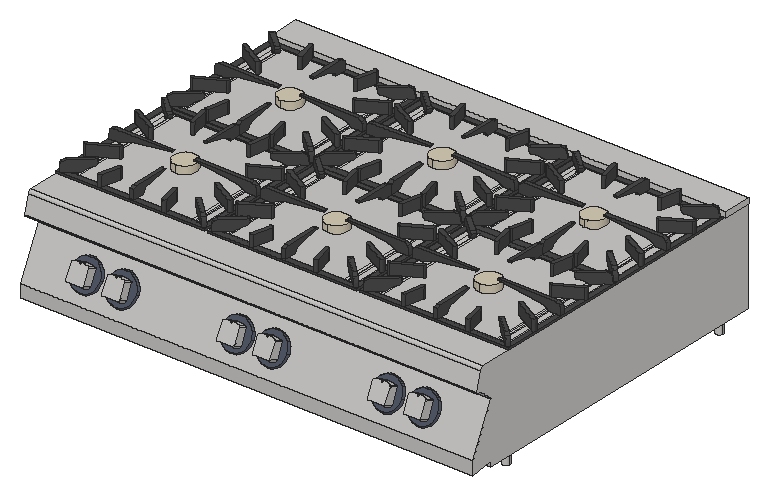
Revit family "QF_ZANUSSI_392011_Z9GCGL6S00", category Specialty Equipment, Revit 2018
Family settings
  Round Connector Dimension = Use Diameter
  Part Type = Normal
  Work Plane-Based = No
  Always vertical = Yes
  Cut with Voids When Loaded = No
  Shared = No
  Room Calculation Point = No
Parameters
  Weight in Pounds = 110
  Weight = 0.00 kg
  Watts = 0 W
  Volts = 0 V
  URL Manufacturer = "http://www.zanussiprofessional.com"
  URL Cutsheet = "www.electrolux.com"
  URL = "http://www.zanussiprofessional.com"
  Type Mark [instance] = ""
  Steam Supply Size = 0"
  Steam Supply Minimum Pressure = 0.00 psi
  Steam Supply Maximum Pressure = 0.00 psi
  Steam Pounds per Hour = 0
  Status [instance] = ""
  Specification by User [instance] = ""
  Specification by Manufacturer = ""
  Show Logo [instance] = yes
  Show Clearance [instance] = yes
  Serial Number = ""
  Seismic Rating = ""
  SMACNA No = ""
  Revision Code [instance] = ""
  Refrigeration Suction Line Size = 0"
  Refrigeration Liquid Line Size = 0"
  Refrigerant Compressor Remote = yes
  Phase = 0
  Omniclass Number and Title = ""
  NAFEM Spec ID Number = ""
  Model = "Z9GCGL6S00"
  Mechanical Remarks [instance] = ""
  Mechanical Connection Type [instance] = ""
  Masterspec = ""
  Manufacturer = "Zanussi"
  Length Actual = 1200 mm  # constant formula
  Item Number [instance] = "392011"
  Installed By [instance] = ""
  Identify Quantity as Lot [instance] = yes
  Hot Water Size = 0"
  Height Actual = 250 mm  # constant formula
  HP = "0 HP"
  Gas Size = 1/2"
  Gas RI Height [instance] = 0 mm
  Gas KW [instance] = 44
  Gas Input [instance] = 1.25214 Btu/h
  Gas Connection Height = 0 mm
  Furnished By [instance] = ""
  Foodservice Equipment Identifier [instance] = yes
  Direct Waste Size = 0"
  Description = "6-BURNER GAS BOILING TOP 1200 MM"
  Depth Actual = 900 mm  # constant formula
  Cycle = 0 Hz
  Condensate Return Size = 0"
  Compressed Air Volume = 0 GPM
  Compressed Air Size = 0"
  Compressed Air Pressure = 0.00 psi
  Cold Water Size = 0"
  CSI MasterFormat = ""
  CSI Master Format = ""
  Accessory = yes
Reference planes
  plane 1 "BACK": y = 0
  plane 2: z = 0
  plane 3 "LEFT": x = 0
  plane 4 "RIGHT": x = 1200
  plane 5 "FRONT": y = -915
  plane 6 "TOP": z = 310
  plane 7 "Center Y": x = 600
  plane 8 "Center X": y = -457.5
  plane 9: z = 24
  plane 10: z = 274
  plane 11: y = -82
  plane 12: y = -900.275
  plane 13: y = -666
  plane 14: y = -609
  plane 15: y = -790
  plane 16: x = 11.112
  plane 17: x = 1188.887
  plane 18: x = 1147.613
  plane 19: x = 1049
Forms (mm)
  Extrusion 1, solid, material "QF_Finishes_Stainless Steel"
    sketch origin (0, 0, 0) x (0, 1, 0) y (0, 0, 1)
      loop
        line (0, 24) -> (0, 273.175) -> (-879.358, 273.175)
        arc (-879.358, 273.175) -> (-884.643, 270.986) -> (-886.833, 265.701) r 7.474
        line (-886.833, 265.701) -> (-899.884, 220.186)
        arc (-899.884, 220.186) -> (-899.396, 217.554) -> (-897, 216.359) r 3
        line (-897, 216.359) -> (-886.802, 216.359) -> (-854.982, 184.539) -> (-915, 64.508) -> (-915, 29.508) -> (-858.645, 37.428)
        arc (-858.645, 37.428) -> (-856.101, 36.674) -> (-855, 34.259) r 3.2
        line (-855, 34.259) -> (-855, 24) -> (0, 24)
    from 0 to 1200
  Extrusion 2, solid, material "QF_Finishes_Stainless Steel"
    sketch origin (0, -836.847, 23.812) x (1, 0, 0) y (0, -1, 0)
      loop
        circle (11.112, -754.847) r 9.5
      loop
        circle (1188.887, -46.847) r 9.5
      loop
        circle (1188.888, -754.847) r 9.5
      loop
        circle (11.112, -61.972) r 9.5
    from -0.187 to 23.812
  Extrusion 3, solid, material "QF_Finishes_Stainless Steel"
    sketch origin (0, -836.847, 23.812) x (1, 0, 0) y (0, -1, 0)
      loop
        circle (1147.613, -170.847) r 6.4
    from 0 to 20
  Extrusion 4, solid, material "QF_Finishes_Stainless Steel"
    sketch origin (0, 0, 0) x (0, 1, 0) y (0, 0, 1)
      loop
        line (0, 274) -> (0, 288.288) -> (-76.2, 288.288) -> (-76.2, 274) -> (0, 274)
    from 0 to 1200
  Extrusion 5, solid, material "QF_Clearances", visible <- "Show Clearance", detail levels coarse
    sketch origin (0, 0, 0) x (1, 0, 0) y (0, 1, 0)
      loop
        line (0, -915) -> (0, 0) -> (1200, 0) -> (1200, -915) -> (1300.013, -915) -> (1300.013, 100.013) -> (-100.012, 100.013) -> (-100.012, -915) -> (0, -915)
    from 0 to 310
  Extrusion 6, solid, material "QF_Finishes_Stainless Steel"
    sketch origin (0, -836.847, 23.812) x (1, 0, 0) y (0, -1, 0)
      loop
        circle (1049, -227.847) r 12.7
    from 0 to 5
  Blend 7, solid, material "QF_Finishes_Navy Blue"
    base sketch origin (552.5, -884.991, 124.524) x (1, 0, 0) y (0, 0.447229, 0.89442)
      loop
        circle (0, 0) r 42.5
    top sketch origin (552.5, -884.991, 124.524) x (1, 0, 0) y (0, 0.447229, 0.89442)
      loop
        circle (0, 0) r 40.5
    from 0 to 5
  Extrusion 8, solid, material "QF_Finishes_Stainless Steel"
    sketch origin (552.5, -884.991, 124.524) x (1, 0, 0) y (0, 0.447229, 0.89442)
      loop
        arc (-21.147, 22.789) -> (-22.494, 21.685) -> (-23, 20.019) r 2.997
        line (-23, 20.019) -> (-23, -20.019)
        arc (-23, -20.019) -> (-22.122, -22.138) -> (-20.003, -23.016) r 2.997
        line (-20.003, -23.016) -> (20.003, -23.016)
        arc (20.003, -23.016) -> (22.122, -22.138) -> (23, -20.019) r 2.997
        line (23, -20.019) -> (23, 20.019)
        arc (23, 20.019) -> (22.494, 21.685) -> (21.147, 22.789) r 2.997
        arc (21.147, 22.789) -> (0, 26.984) -> (-21.147, 22.789) r 55.4
    from 10 to 34
  Extrusion 9, solid, material "QF_Plastic-Black-Matte"
    sketch origin (610, -884.991, 124.524) x (0, 0.447229, 0.89442) y (0, -0.89442, 0.447229)
      loop
        line (26.984, 34) -> (26.984, 19) -> (27.984, 19) -> (27.984, 34)
        arc (27.984, 34) -> (27.691, 34.707) -> (26.984, 35) r 1
        line (26.984, 35) -> (23.984, 35) -> (23.984, 34) -> (26.984, 34)
    from -58.5 to -56.5
  Extrusion 10, solid, material "QF_Finishes_Stainless Steel"
    sketch origin (552.5, -884.991, 124.524) x (1, 0, 0) y (0, 0.447229, 0.89442)
      loop
        line (17.5, 17.5) -> (-17.5, 17.5) -> (-17.5, -17.5) -> (17.5, -17.5) -> (17.5, 17.5)
    from 5 to 10
  Blend 11, solid, material "QF_Finishes_Navy Blue"
    base sketch origin (647.5, -884.991, 124.524) x (1, 0, 0) y (0, 0.447229, 0.89442)
      loop
        circle (0, 0) r 42.5
    top sketch origin (647.5, -884.991, 124.524) x (1, 0, 0) y (0, 0.447229, 0.89442)
      loop
        circle (0, 0) r 40.5
    from 0 to 5
  Extrusion 12, solid, material "QF_Finishes_Stainless Steel"
    sketch origin (647.5, -884.991, 124.524) x (1, 0, 0) y (0, 0.447229, 0.89442)
      loop
        arc (-21.147, 22.789) -> (-22.494, 21.685) -> (-23, 20.019) r 2.997
        line (-23, 20.019) -> (-23, -20.019)
        arc (-23, -20.019) -> (-22.122, -22.138) -> (-20.003, -23.016) r 2.997
        line (-20.003, -23.016) -> (20.003, -23.016)
        arc (20.003, -23.016) -> (22.122, -22.138) -> (23, -20.019) r 2.997
        line (23, -20.019) -> (23, 20.019)
        arc (23, 20.019) -> (22.494, 21.685) -> (21.147, 22.789) r 2.997
        arc (21.147, 22.789) -> (0, 26.984) -> (-21.147, 22.789) r 55.4
    from 10 to 34
  Extrusion 13, solid, material "QF_Finishes_Stainless Steel"
    sketch origin (647.5, -884.991, 124.524) x (1, 0, 0) y (0, 0.447229, 0.89442)
      loop
        line (17.5, 17.5) -> (-17.5, 17.5) -> (-17.5, -17.5) -> (17.5, -17.5) -> (17.5, 17.5)
    from 5 to 10
  Extrusion 14, solid, material "QF_Plastic-Black-Matte"
    sketch origin (590, -884.991, 124.524) x (0, 0.447229, 0.89442) y (0, 0.89442, -0.447229)
      loop
        line (26.984, -34) -> (23.984, -34) -> (23.984, -35) -> (26.984, -35)
        arc (26.984, -35) -> (27.691, -34.707) -> (27.984, -34) r 1
        line (27.984, -34) -> (27.984, -19) -> (26.984, -19) -> (26.984, -34)
    from -58.5 to -56.5
  Blend 15, solid, material "QF_Finishes_Navy Blue"
    base sketch origin (152.525, -884.991, 124.524) x (1, 0, 0) y (0, 0.447229, 0.89442)
      loop
        circle (0, 0) r 42.5
    top sketch origin (152.525, -884.991, 124.524) x (1, 0, 0) y (0, 0.447229, 0.89442)
      loop
        circle (0, 0) r 40.5
    from 0 to 5
  Extrusion 16, solid, material "QF_Finishes_Stainless Steel"
    sketch origin (152.525, -884.991, 124.524) x (1, 0, 0) y (0, 0.447229, 0.89442)
      loop
        arc (-21.147, 22.789) -> (-22.494, 21.685) -> (-23, 20.019) r 2.997
        line (-23, 20.019) -> (-23, -20.019)
        arc (-23, -20.019) -> (-22.122, -22.138) -> (-20.003, -23.016) r 2.997
        line (-20.003, -23.016) -> (20.003, -23.016)
        arc (20.003, -23.016) -> (22.122, -22.138) -> (23, -20.019) r 2.997
        line (23, -20.019) -> (23, 20.019)
        arc (23, 20.019) -> (22.494, 21.685) -> (21.147, 22.789) r 2.997
        arc (21.147, 22.789) -> (0, 26.984) -> (-21.147, 22.789) r 55.4
    from 10 to 34
  Extrusion 17, solid, material "QF_Plastic-Black-Matte"
    sketch origin (210.025, -884.991, 124.524) x (0, 0.447229, 0.89442) y (0, -0.89442, 0.447229)
      loop
        line (26.984, 34) -> (26.984, 19) -> (27.984, 19) -> (27.984, 34)
        arc (27.984, 34) -> (27.691, 34.707) -> (26.984, 35) r 1
        line (26.984, 35) -> (23.984, 35) -> (23.984, 34) -> (26.984, 34)
    from -58.5 to -56.5
  Extrusion 18, solid, material "QF_Finishes_Stainless Steel"
    sketch origin (152.525, -884.991, 124.524) x (1, 0, 0) y (0, 0.447229, 0.89442)
      loop
        line (17.5, 17.5) -> (-17.5, 17.5) -> (-17.5, -17.5) -> (17.5, -17.5) -> (17.5, 17.5)
    from 5 to 10
  Blend 19, solid, material "QF_Finishes_Navy Blue"
    base sketch origin (247.525, -884.991, 124.524) x (1, 0, 0) y (0, 0.447229, 0.89442)
      loop
        circle (0, 0) r 42.5
    top sketch origin (247.525, -884.991, 124.524) x (1, 0, 0) y (0, 0.447229, 0.89442)
      loop
        circle (0, 0) r 40.5
    from 0 to 5
  Extrusion 20, solid, material "QF_Finishes_Stainless Steel"
    sketch origin (247.525, -884.991, 124.524) x (1, 0, 0) y (0, 0.447229, 0.89442)
      loop
        arc (-21.147, 22.789) -> (-22.494, 21.685) -> (-23, 20.019) r 2.997
        line (-23, 20.019) -> (-23, -20.019)
        arc (-23, -20.019) -> (-22.122, -22.138) -> (-20.003, -23.016) r 2.997
        line (-20.003, -23.016) -> (20.003, -23.016)
        arc (20.003, -23.016) -> (22.122, -22.138) -> (23, -20.019) r 2.997
        line (23, -20.019) -> (23, 20.019)
        arc (23, 20.019) -> (22.494, 21.685) -> (21.147, 22.789) r 2.997
        arc (21.147, 22.789) -> (0, 26.984) -> (-21.147, 22.789) r 55.4
    from 10 to 34
  Extrusion 21, solid, material "QF_Finishes_Stainless Steel"
    sketch origin (247.525, -884.991, 124.524) x (1, 0, 0) y (0, 0.447229, 0.89442)
      loop
        line (17.5, 17.5) -> (-17.5, 17.5) -> (-17.5, -17.5) -> (17.5, -17.5) -> (17.5, 17.5)
    from 5 to 10
  Extrusion 22, solid, material "QF_Plastic-Black-Matte"
    sketch origin (190.025, -884.991, 124.524) x (0, 0.447229, 0.89442) y (0, 0.89442, -0.447229)
      loop
        line (26.984, -34) -> (23.984, -34) -> (23.984, -35) -> (26.984, -35)
        arc (26.984, -35) -> (27.691, -34.707) -> (27.984, -34) r 1
        line (27.984, -34) -> (27.984, -19) -> (26.984, -19) -> (26.984, -34)
    from -58.5 to -56.5
  Blend 23, solid, material "QF_Finishes_Navy Blue"
    base sketch origin (952.5, -884.991, 124.524) x (1, 0, 0) y (0, 0.447229, 0.89442)
      loop
        circle (0, 0) r 42.5
    top sketch origin (952.5, -884.991, 124.524) x (1, 0, 0) y (0, 0.447229, 0.89442)
      loop
        circle (0, 0) r 40.5
    from 0 to 5
  Extrusion 24, solid, material "QF_Finishes_Stainless Steel"
    sketch origin (952.5, -884.991, 124.524) x (1, 0, 0) y (0, 0.447229, 0.89442)
      loop
        arc (-21.147, 22.789) -> (-22.494, 21.685) -> (-23, 20.019) r 2.997
        line (-23, 20.019) -> (-23, -20.019)
        arc (-23, -20.019) -> (-22.122, -22.138) -> (-20.003, -23.016) r 2.997
        line (-20.003, -23.016) -> (20.003, -23.016)
        arc (20.003, -23.016) -> (22.122, -22.138) -> (23, -20.019) r 2.997
        line (23, -20.019) -> (23, 20.019)
        arc (23, 20.019) -> (22.494, 21.685) -> (21.147, 22.789) r 2.997
        arc (21.147, 22.789) -> (0, 26.984) -> (-21.147, 22.789) r 55.4
    from 10 to 34
  Extrusion 25, solid, material "QF_Plastic-Black-Matte"
    sketch origin (1010, -884.991, 124.524) x (0, 0.447229, 0.89442) y (0, -0.89442, 0.447229)
      loop
        line (26.984, 34) -> (26.984, 19) -> (27.984, 19) -> (27.984, 34)
        arc (27.984, 34) -> (27.691, 34.707) -> (26.984, 35) r 1
        line (26.984, 35) -> (23.984, 35) -> (23.984, 34) -> (26.984, 34)
    from -58.5 to -56.5
  Extrusion 26, solid, material "QF_Finishes_Stainless Steel"
    sketch origin (952.5, -884.991, 124.524) x (1, 0, 0) y (0, 0.447229, 0.89442)
      loop
        line (17.5, 17.5) -> (-17.5, 17.5) -> (-17.5, -17.5) -> (17.5, -17.5) -> (17.5, 17.5)
    from 5 to 10
  Blend 27, solid, material "QF_Finishes_Navy Blue"
    base sketch origin (1047.5, -884.991, 124.524) x (1, 0, 0) y (0, 0.447229, 0.89442)
      loop
        circle (0, 0) r 42.5
    top sketch origin (1047.5, -884.991, 124.524) x (1, 0, 0) y (0, 0.447229, 0.89442)
      loop
        circle (0, 0) r 40.5
    from 0 to 5
  Extrusion 28, solid, material "QF_Finishes_Stainless Steel"
    sketch origin (1047.5, -884.991, 124.524) x (1, 0, 0) y (0, 0.447229, 0.89442)
      loop
        arc (-21.147, 22.789) -> (-22.494, 21.685) -> (-23, 20.019) r 2.997
        line (-23, 20.019) -> (-23, -20.019)
        arc (-23, -20.019) -> (-22.122, -22.138) -> (-20.003, -23.016) r 2.997
        line (-20.003, -23.016) -> (20.003, -23.016)
        arc (20.003, -23.016) -> (22.122, -22.138) -> (23, -20.019) r 2.997
        line (23, -20.019) -> (23, 20.019)
        arc (23, 20.019) -> (22.494, 21.685) -> (21.147, 22.789) r 2.997
        arc (21.147, 22.789) -> (0, 26.984) -> (-21.147, 22.789) r 55.4
    from 10 to 34
  Extrusion 29, solid, material "QF_Finishes_Stainless Steel"
    sketch origin (1047.5, -884.991, 124.524) x (1, 0, 0) y (0, 0.447229, 0.89442)
      loop
        line (17.5, 17.5) -> (-17.5, 17.5) -> (-17.5, -17.5) -> (17.5, -17.5) -> (17.5, 17.5)
    from 5 to 10
  Extrusion 30, solid, material "QF_Plastic-Black-Matte"
    sketch origin (990, -884.991, 124.524) x (0, 0.447229, 0.89442) y (0, 0.89442, -0.447229)
      loop
        line (26.984, -34) -> (23.984, -34) -> (23.984, -35) -> (26.984, -35)
        arc (26.984, -35) -> (27.691, -34.707) -> (27.984, -34) r 1
        line (27.984, -34) -> (27.984, -19) -> (26.984, -19) -> (26.984, -34)
    from -58.5 to -56.5
Lines and regions (mm)
  Split face 1
    outline origin (552.5, -889.463, 126.76) x (1, 0, 0) y (0, 0.447229, 0.89442)
      loop
        circle (-33, 0) r 3
  Split face 2
    outline origin (558.401, -889.463, 126.76) x (1, 0, 0) y (0, 0.447229, 0.89442)
      loop
        line (-8.901, 38.561) -> (-8.901, 28.561) -> (-2.901, 28.561) -> (-2.901, 38.561) -> (-8.901, 38.561)
  Split face 3
    outline origin (558.401, -889.463, 126.76) x (1, 0, 0) y (0, 0.447229, 0.89442)
      loop
        line (-8.401, 38.061) -> (-8.401, 29.061) -> (-3.401, 29.061) -> (-3.401, 38.061) -> (-8.401, 38.061)
  Split face 4
    outline origin (578.157, -875.075, 155.536) x (-1, 0, 0) y (0, -0.447229, -0.89442)
      loop
        circle (43.456, 61.543) r 1.5
  Split face 5
    outline origin (552.5, -889.463, 126.76) x (1, 0, 0) y (0, 0.447229, 0.89442)
      loop
        circle (-24.487, 26.694) r 3.497
  Split face 6
    outline origin (558.401, -859.445, 186.794) x (1, 0, 0) y (0, 0.447229, 0.89442)
      loop
        line (-8.401, -34.061) -> (-3.401, -34.061)
  Split face 7
    outline origin (558.401, -859.445, 186.794) x (1, 0, 0) y (0, 0.447229, 0.89442)
      loop
        line (-8.401, -33.561) -> (-3.401, -33.561)
  Split face 8
    outline origin (558.401, -859.445, 186.794) x (1, 0, 0) y (0, 0.447229, 0.89442)
      loop
        circle (-5.901, -31.311) r 2.029
  Split face 9
    outline origin (653.401, -889.463, 126.76) x (1, 0, 0) y (0, 0.447229, 0.89442)
      loop
        line (-8.901, 38.561) -> (-8.901, 28.561) -> (-2.901, 28.561) -> (-2.901, 38.561) -> (-8.901, 38.561)
  Split face 10
    outline origin (653.401, -889.463, 126.76) x (1, 0, 0) y (0, 0.447229, 0.89442)
      loop
        line (-8.401, 38.061) -> (-8.401, 29.061) -> (-3.401, 29.061) -> (-3.401, 38.061) -> (-8.401, 38.061)
  Split face 11
    outline origin (653.401, -889.463, 126.76) x (1, 0, 0) y (0, 0.447229, 0.89442)
      loop
        line (-8.401, 34.061) -> (-3.401, 34.061)
  Split face 12
    outline origin (653.401, -889.463, 126.76) x (1, 0, 0) y (0, 0.447229, 0.89442)
      loop
        line (-8.401, 33.561) -> (-3.401, 33.561)
  Split face 13
    outline origin (653.401, -889.463, 126.76) x (1, 0, 0) y (0, 0.447229, 0.89442)
      loop
        circle (-5.901, 31.311) r 2.029
  Split face 14
    outline origin (647.5, -889.463, 126.76) x (1, 0, 0) y (0, 0.447229, 0.89442)
      loop
        circle (-33, 0) r 3
  Split face 15
    outline origin (673.157, -875.075, 155.536) x (-1, 0, 0) y (0, -0.447229, -0.89442)
      loop
        circle (43.456, 61.543) r 1.5
  Split face 16
    outline origin (647.5, -889.463, 126.76) x (1, 0, 0) y (0, 0.447229, 0.89442)
      loop
        circle (-24.487, 26.694) r 3.497
  Split face 17
    outline origin (152.525, -889.463, 126.76) x (1, 0, 0) y (0, 0.447229, 0.89442)
      loop
        circle (-33, 0) r 3
  Split face 18
    outline origin (158.426, -889.463, 126.76) x (1, 0, 0) y (0, 0.447229, 0.89442)
      loop
        line (-8.901, 38.561) -> (-8.901, 28.561) -> (-2.901, 28.561) -> (-2.901, 38.561) -> (-8.901, 38.561)
  Split face 19
    outline origin (158.426, -889.463, 126.76) x (1, 0, 0) y (0, 0.447229, 0.89442)
      loop
        line (-8.401, 38.061) -> (-8.401, 29.061) -> (-3.401, 29.061) -> (-3.401, 38.061) -> (-8.401, 38.061)
  Split face 20
    outline origin (178.182, -875.075, 155.536) x (-1, 0, 0) y (0, -0.447229, -0.89442)
      loop
        circle (43.456, 61.543) r 1.5
  Split face 21
    outline origin (152.525, -889.463, 126.76) x (1, 0, 0) y (0, 0.447229, 0.89442)
      loop
        circle (-24.487, 26.694) r 3.497
  Split face 22
    outline origin (158.426, -859.445, 186.794) x (1, 0, 0) y (0, 0.447229, 0.89442)
      loop
        line (-8.401, -34.061) -> (-3.401, -34.061)
  Split face 23
    outline origin (158.426, -859.445, 186.794) x (1, 0, 0) y (0, 0.447229, 0.89442)
      loop
        line (-8.401, -33.561) -> (-3.401, -33.561)
  Split face 24
    outline origin (158.426, -859.445, 186.794) x (1, 0, 0) y (0, 0.447229, 0.89442)
      loop
        circle (-5.901, -31.311) r 2.029
  Split face 25
    outline origin (253.426, -889.463, 126.76) x (1, 0, 0) y (0, 0.447229, 0.89442)
      loop
        line (-8.901, 38.561) -> (-8.901, 28.561) -> (-2.901, 28.561) -> (-2.901, 38.561) -> (-8.901, 38.561)
  Split face 26
    outline origin (253.426, -889.463, 126.76) x (1, 0, 0) y (0, 0.447229, 0.89442)
      loop
        line (-8.401, 38.061) -> (-8.401, 29.061) -> (-3.401, 29.061) -> (-3.401, 38.061) -> (-8.401, 38.061)
  Split face 27
    outline origin (253.426, -889.463, 126.76) x (1, 0, 0) y (0, 0.447229, 0.89442)
      loop
        line (-8.401, 34.061) -> (-3.401, 34.061)
  Split face 28
    outline origin (253.426, -889.463, 126.76) x (1, 0, 0) y (0, 0.447229, 0.89442)
      loop
        line (-8.401, 33.561) -> (-3.401, 33.561)
  Split face 29
    outline origin (253.426, -889.463, 126.76) x (1, 0, 0) y (0, 0.447229, 0.89442)
      loop
        circle (-5.901, 31.311) r 2.029
  Split face 30
    outline origin (247.525, -889.463, 126.76) x (1, 0, 0) y (0, 0.447229, 0.89442)
      loop
        circle (-33, 0) r 3
  Split face 31
    outline origin (273.182, -875.075, 155.536) x (-1, 0, 0) y (0, -0.447229, -0.89442)
      loop
        circle (43.456, 61.543) r 1.5
  Split face 32
    outline origin (247.525, -889.463, 126.76) x (1, 0, 0) y (0, 0.447229, 0.89442)
      loop
        circle (-24.487, 26.694) r 3.497
  Split face 33
    outline origin (952.5, -889.463, 126.76) x (1, 0, 0) y (0, 0.447229, 0.89442)
      loop
        circle (-33, 0) r 3
  Split face 34
    outline origin (958.401, -889.463, 126.76) x (1, 0, 0) y (0, 0.447229, 0.89442)
      loop
        line (-8.901, 38.561) -> (-8.901, 28.561) -> (-2.901, 28.561) -> (-2.901, 38.561) -> (-8.901, 38.561)
  Split face 35
    outline origin (958.401, -889.463, 126.76) x (1, 0, 0) y (0, 0.447229, 0.89442)
      loop
        line (-8.401, 38.061) -> (-8.401, 29.061) -> (-3.401, 29.061) -> (-3.401, 38.061) -> (-8.401, 38.061)
  Split face 36
    outline origin (978.157, -875.075, 155.536) x (-1, 0, 0) y (0, -0.447229, -0.89442)
      loop
        circle (43.456, 61.543) r 1.5
  Split face 37
    outline origin (952.5, -889.463, 126.76) x (1, 0, 0) y (0, 0.447229, 0.89442)
      loop
        circle (-24.487, 26.694) r 3.497
  Split face 38
    outline origin (958.401, -859.445, 186.794) x (1, 0, 0) y (0, 0.447229, 0.89442)
      loop
        line (-8.401, -34.061) -> (-3.401, -34.061)
  Split face 39
    outline origin (958.401, -859.445, 186.794) x (1, 0, 0) y (0, 0.447229, 0.89442)
      loop
        line (-8.401, -33.561) -> (-3.401, -33.561)
  Split face 40
    outline origin (958.401, -859.445, 186.794) x (1, 0, 0) y (0, 0.447229, 0.89442)
      loop
        circle (-5.901, -31.311) r 2.029
  Split face 41
    outline origin (1053.401, -889.463, 126.76) x (1, 0, 0) y (0, 0.447229, 0.89442)
      loop
        line (-8.901, 38.561) -> (-8.901, 28.561) -> (-2.901, 28.561) -> (-2.901, 38.561) -> (-8.901, 38.561)
  Split face 42
    outline origin (1053.401, -889.463, 126.76) x (1, 0, 0) y (0, 0.447229, 0.89442)
      loop
        line (-8.401, 38.061) -> (-8.401, 29.061) -> (-3.401, 29.061) -> (-3.401, 38.061) -> (-8.401, 38.061)
  Split face 43
    outline origin (1053.401, -889.463, 126.76) x (1, 0, 0) y (0, 0.447229, 0.89442)
      loop
        line (-8.401, 34.061) -> (-3.401, 34.061)
  Split face 44
    outline origin (1053.401, -889.463, 126.76) x (1, 0, 0) y (0, 0.447229, 0.89442)
      loop
        line (-8.401, 33.561) -> (-3.401, 33.561)
  Split face 45
    outline origin (1053.401, -889.463, 126.76) x (1, 0, 0) y (0, 0.447229, 0.89442)
      loop
        circle (-5.901, 31.311) r 2.029
  Split face 46
    outline origin (1047.5, -889.463, 126.76) x (1, 0, 0) y (0, 0.447229, 0.89442)
      loop
        circle (-33, 0) r 3
  Split face 47
    outline origin (1073.157, -875.075, 155.536) x (-1, 0, 0) y (0, -0.447229, -0.89442)
      loop
        circle (43.456, 61.543) r 1.5
  Split face 48
    outline origin (1047.5, -889.463, 126.76) x (1, 0, 0) y (0, 0.447229, 0.89442)
      loop
        circle (-24.487, 26.694) r 3.497
  symbolic lines, style "QF_Clearances", visible <- "Show Clearance", detail levels coarse
    curve 1: line (-100.013, -915, 0) -> (-100.013, 100.013, 0)
    curve 2: line (-100.013, 100.013, 0) -> (1300.013, 100.013, 0)
    curve 3: line (1300.013, 100.013, 0) -> (1300.013, -914.604, 0)
  symbolic lines
    curve 4: line (0, 0, 0) -> (1200, 0, 0)
    curve 5: line (1200, 0, 0) -> (1200, -915.015, 0)
    curve 6: line (0, -915.015, 0) -> (0, 0, 0)
    curve 7: line (0, -76.2, 0) -> (1200, -76.2, 0)
    curve 8: line (0, -900.015, 0) -> (1200.05, -900.015, 0)
    curve 9: line (129.525, -900.015, 0) -> (129.525, -924.361, 0)
    curve 10: arc (129.525, -924.361, 0) -> (129.671, -924.825, 0) -> (130.057, -925.121, 0) r 0.809
    curve 11: arc (130.057, -925.121, 0) -> (131.245, -925.602, 0) -> (132.522, -925.695, 0) r 4.127
    curve 12: arc (129.525, -904.307, 0) -> (124.484, -902.473, 0) -> (119.716, -900.015, 0) r 42.24
    curve 13: arc (129.525, -906.554, 0) -> (130.027, -905.833, 0) -> (130.824, -905.463, 0) r 1.682
    curve 14: arc (130.824, -905.463, 0) -> (141.127, -903.965, 0) -> (151.525, -903.456, 0) r 109.079
    curve 15: line (151.525, -900.015, 0) -> (151.525, -905.686, 0)
    curve 16: line (151.525, -905.686, 0) -> (153.525, -905.686, 0)
    curve 17: line (153.525, -905.686, 0) -> (153.525, -900.015, 0)
    curve 18: line (175.525, -900.015, 0) -> (175.525, -924.361, 0)
    curve 19: arc (175.525, -924.361, 0) -> (175.379, -924.825, 0) -> (174.993, -925.121, 0) r 0.809
    curve 20: arc (174.993, -925.121, 0) -> (173.805, -925.602, 0) -> (172.528, -925.695, 0) r 4.127
    curve 21: arc (175.525, -904.307, 0) -> (180.566, -902.473, 0) -> (185.334, -900.015, 0) r 42.24
    curve 22: arc (175.525, -906.554, 0) -> (175.023, -905.833, 0) -> (174.226, -905.463, 0) r 1.682
    curve 23: arc (174.226, -905.463, 0) -> (163.923, -903.965, 0) -> (153.525, -903.456, 0) r 109.079
    curve 24: line (132.522, -925.695, 0) -> (172.528, -925.695, 0)
    curve 25: line (270.525, -900.015, 0) -> (270.525, -924.361, 0)
    curve 26: arc (270.525, -924.361, 0) -> (270.379, -924.825, 0) -> (269.993, -925.121, 0) r 0.809
    curve 27: arc (269.993, -925.121, 0) -> (268.805, -925.602, 0) -> (267.528, -925.695, 0) r 4.127
    curve 28: arc (270.525, -904.307, 0) -> (275.566, -902.473, 0) -> (280.334, -900.015, 0) r 42.24
    curve 29: arc (270.525, -906.554, 0) -> (270.023, -905.833, 0) -> (269.226, -905.463, 0) r 1.682
    curve 30: arc (269.226, -905.463, 0) -> (258.923, -903.965, 0) -> (248.525, -903.456, 0) r 109.079
    curve 31: line (248.525, -900.015, 0) -> (248.525, -905.686, 0)
    curve 32: line (248.525, -905.686, 0) -> (246.525, -905.686, 0)
    curve 33: line (246.525, -905.686, 0) -> (246.525, -900.015, 0)
    curve 34: line (224.525, -900.015, 0) -> (224.525, -924.361, 0)
    curve 35: arc (224.525, -924.361, 0) -> (224.671, -924.825, 0) -> (225.057, -925.121, 0) r 0.809
    curve 36: arc (225.057, -925.121, 0) -> (226.245, -925.602, 0) -> (227.522, -925.695, 0) r 4.127
    curve 37: arc (224.525, -904.307, 0) -> (219.484, -902.473, 0) -> (214.716, -900.015, 0) r 42.24
    curve 38: arc (224.525, -906.554, 0) -> (225.027, -905.833, 0) -> (225.824, -905.463, 0) r 1.682
    curve 39: arc (225.824, -905.463, 0) -> (236.127, -903.965, 0) -> (246.525, -903.456, 0) r 109.079
    curve 40: line (267.528, -925.695, 0) -> (227.522, -925.695, 0)
    curve 41: line (175.525, -915.015, 0) -> (224.525, -915.015, 0)
    curve 42: line (270.525, -915.015, 0) -> (529.5, -915.015, 0)
    curve 43: line (0, -915.015, 0) -> (129.525, -915.015, 0)
    curve 44: line (529.5, -900.015, 0) -> (529.5, -924.361, 0)
    curve 45: arc (529.5, -924.361, 0) -> (529.646, -924.825, 0) -> (530.032, -925.121, 0) r 0.809
    curve 46: arc (530.032, -925.121, 0) -> (531.22, -925.602, 0) -> (532.497, -925.695, 0) r 4.127
    curve 47: arc (529.5, -904.307, 0) -> (524.459, -902.473, 0) -> (519.691, -900.015, 0) r 42.24
    curve 48: arc (529.5, -906.554, 0) -> (530.002, -905.833, 0) -> (530.799, -905.463, 0) r 1.682
    curve 49: arc (530.799, -905.463, 0) -> (541.102, -903.965, 0) -> (551.5, -903.456, 0) r 109.079
    curve 50: line (551.5, -900.015, 0) -> (551.5, -905.686, 0)
    curve 51: line (551.5, -905.686, 0) -> (553.5, -905.686, 0)
    curve 52: line (553.5, -905.686, 0) -> (553.5, -900.015, 0)
    curve 53: line (575.5, -900.015, 0) -> (575.5, -924.361, 0)
    curve 54: arc (575.5, -924.361, 0) -> (575.354, -924.825, 0) -> (574.968, -925.121, 0) r 0.809
    curve 55: arc (574.968, -925.121, 0) -> (573.78, -925.602, 0) -> (572.503, -925.695, 0) r 4.127
    curve 56: arc (575.5, -904.307, 0) -> (580.541, -902.473, 0) -> (585.309, -900.015, 0) r 42.24
    curve 57: arc (575.5, -906.554, 0) -> (574.998, -905.833, 0) -> (574.201, -905.463, 0) r 1.682
    curve 58: arc (574.201, -905.463, 0) -> (563.898, -903.965, 0) -> (553.5, -903.456, 0) r 109.079
    curve 59: line (532.497, -925.695, 0) -> (572.503, -925.695, 0)
    curve 60: line (670.5, -900.015, 0) -> (670.5, -924.361, 0)
    curve 61: arc (670.5, -924.361, 0) -> (670.354, -924.825, 0) -> (669.968, -925.121, 0) r 0.809
    curve 62: arc (669.968, -925.121, 0) -> (668.78, -925.602, 0) -> (667.503, -925.695, 0) r 4.127
    curve 63: arc (670.5, -904.307, 0) -> (675.541, -902.473, 0) -> (680.309, -900.015, 0) r 42.24
    curve 64: arc (670.5, -906.554, 0) -> (669.998, -905.833, 0) -> (669.201, -905.463, 0) r 1.682
    curve 65: arc (669.201, -905.463, 0) -> (658.898, -903.965, 0) -> (648.5, -903.456, 0) r 109.079
    curve 66: line (648.5, -900.015, 0) -> (648.5, -905.686, 0)
    curve 67: line (648.5, -905.686, 0) -> (646.5, -905.686, 0)
    curve 68: line (646.5, -905.686, 0) -> (646.5, -900.015, 0)
    curve 69: line (624.5, -900.015, 0) -> (624.5, -924.361, 0)
    curve 70: arc (624.5, -924.361, 0) -> (624.646, -924.825, 0) -> (625.032, -925.121, 0) r 0.809
    curve 71: arc (625.032, -925.121, 0) -> (626.22, -925.602, 0) -> (627.497, -925.695, 0) r 4.127
    curve 72: arc (624.5, -904.307, 0) -> (619.459, -902.473, 0) -> (614.691, -900.015, 0) r 42.24
    curve 73: arc (624.5, -906.554, 0) -> (625.002, -905.833, 0) -> (625.799, -905.463, 0) r 1.682
    curve 74: arc (625.799, -905.463, 0) -> (636.102, -903.965, 0) -> (646.5, -903.456, 0) r 109.079
    curve 75: line (667.503, -925.695, 0) -> (627.497, -925.695, 0)
    curve 76: line (575.5, -915.015, 0) -> (624.5, -915.015, 0)
    curve 77: line (670.5, -915.015, 0) -> (920.525, -915.015, 0)
    curve 78: line (929.5, -900.015, 0) -> (929.5, -924.361, 0)
    curve 79: arc (929.5, -924.361, 0) -> (929.646, -924.825, 0) -> (930.032, -925.121, 0) r 0.809
    curve 80: arc (930.032, -925.121, 0) -> (931.22, -925.602, 0) -> (932.497, -925.695, 0) r 4.127
    curve 81: arc (929.5, -904.307, 0) -> (924.459, -902.473, 0) -> (919.691, -900.015, 0) r 42.24
    curve 82: arc (929.5, -906.554, 0) -> (930.002, -905.833, 0) -> (930.799, -905.463, 0) r 1.682
    curve 83: arc (930.799, -905.463, 0) -> (941.102, -903.965, 0) -> (951.5, -903.456, 0) r 109.079
    curve 84: line (951.5, -900.015, 0) -> (951.5, -905.686, 0)
    curve 85: line (951.5, -905.686, 0) -> (953.5, -905.686, 0)
    curve 86: line (953.5, -905.686, 0) -> (953.5, -900.015, 0)
    curve 87: line (975.5, -900.015, 0) -> (975.5, -924.361, 0)
    curve 88: arc (975.5, -924.361, 0) -> (975.354, -924.825, 0) -> (974.968, -925.121, 0) r 0.809
    curve 89: arc (974.968, -925.121, 0) -> (973.78, -925.602, 0) -> (972.503, -925.695, 0) r 4.127
    curve 90: arc (975.5, -904.307, 0) -> (980.541, -902.473, 0) -> (985.309, -900.015, 0) r 42.24
    curve 91: arc (975.5, -906.554, 0) -> (974.998, -905.833, 0) -> (974.201, -905.463, 0) r 1.682
    curve 92: arc (974.201, -905.463, 0) -> (963.898, -903.965, 0) -> (953.5, -903.456, 0) r 109.079
    curve 93: line (932.497, -925.695, 0) -> (972.503, -925.695, 0)
    curve 94: line (1070.5, -900.015, 0) -> (1070.5, -924.361, 0)
    curve 95: arc (1070.5, -924.361, 0) -> (1070.354, -924.825, 0) -> (1069.968, -925.121, 0) r 0.809
    curve 96: arc (1069.968, -925.121, 0) -> (1068.78, -925.602, 0) -> (1067.503, -925.695, 0) r 4.127
    curve 97: arc (1070.5, -904.307, 0) -> (1075.541, -902.473, 0) -> (1080.309, -900.015, 0) r 42.24
    curve 98: arc (1070.5, -906.554, 0) -> (1069.998, -905.833, 0) -> (1069.201, -905.463, 0) r 1.682
    curve 99: arc (1069.201, -905.463, 0) -> (1058.898, -903.965, 0) -> (1048.5, -903.456, 0) r 109.079
    curve 100: line (1048.5, -900.015, 0) -> (1048.5, -905.686, 0)
    curve 101: line (1048.5, -905.686, 0) -> (1046.5, -905.686, 0)
    curve 102: line (1046.5, -905.686, 0) -> (1046.5, -900.015, 0)
    curve 103: line (1024.5, -900.015, 0) -> (1024.5, -924.361, 0)
    curve 104: arc (1024.5, -924.361, 0) -> (1024.646, -924.825, 0) -> (1025.032, -925.121, 0) r 0.809
    curve 105: arc (1025.032, -925.121, 0) -> (1026.22, -925.602, 0) -> (1027.497, -925.695, 0) r 4.127
    curve 106: arc (1024.5, -904.307, 0) -> (1019.459, -902.473, 0) -> (1014.691, -900.015, 0) r 42.24
    curve 107: arc (1024.5, -906.554, 0) -> (1025.002, -905.833, 0) -> (1025.799, -905.463, 0) r 1.682
    curve 108: arc (1025.799, -905.463, 0) -> (1036.102, -903.965, 0) -> (1046.5, -903.456, 0) r 109.079
    curve 109: line (1067.503, -925.695, 0) -> (1027.497, -925.695, 0)
    curve 110: line (975.5, -915.015, 0) -> (1024.5, -915.015, 0)
    curve 111: line (1070.5, -915.015, 0) -> (1200, -915.015, 0)
Dimensions and locks
  equal spacing: plane 3 "LEFT", plane 7 "Center Y", plane 4 "RIGHT"
  plane 3 "LEFT" to plane 4 "RIGHT" = 1200 mm
  equal spacing: plane 5 "FRONT", plane 8 "Center X", plane 1 "BACK"
  plane 5 "FRONT" to plane 1 "BACK" = 915 mm  (x2)
  plane 6 "TOP" to plane 2 = 310 mm
  plane 9 to plane 2 = 24 mm  (x2)
  plane 6 "TOP" to plane 10 = 36 mm
  plane 10 to plane 2 = 274 mm
  locked: plane 4 "RIGHT" to Extrusion 5 sketch curve at 100.013
  plane 10 to plane 9 = 250 mm  (x2)
  Extrusion 2 sketch curve to plane 1 "BACK" = 82 mm
  Extrusion 3 sketch curve to plane 1 "BACK" = 666 mm
  Extrusion 3 sketch curve to plane 4 "RIGHT" = 52.388 mm
  plane 11 to plane 1 "BACK" = 82 mm
  plane 14 to plane 1 "BACK" = 609 mm
  plane 13 to plane 1 "BACK" = 666 mm
  Extrusion 3 to plane 9 = 20.188 mm
  Extrusion 2 sketch curve to Extrusion 2 sketch curve = 708 mm
  plane 15 to plane 11 = 708 mm
  plane 12 to plane 15 = 110.275 mm
  plane 4 "RIGHT" to plane 3 "LEFT" = 1200 mm
  plane 4 "RIGHT" to plane 17 = 11.113 mm
  plane 17 to plane 16 = 1177.775 mm
  plane 16 to plane 3 "LEFT" = 11.112 mm
  plane 18 to plane 4 "RIGHT" = 52.388 mm
  plane 4 "RIGHT" to plane 19 = 151 mm
  Extrusion 6 sketch curve to plane 1 "BACK" = 609 mm
  plane 5 "FRONT" to plane 12 = 14.725 mm
  aligned and locked: level to plane 2
  aligned and locked: Extrusion 1 to plane 4 "RIGHT"
  aligned and locked: plane 6 "TOP" to Extrusion 5
  aligned and locked: plane 4 "RIGHT" to Extrusion 5 sketch curve
  aligned and locked: Extrusion 4 to plane 4 "RIGHT"
Automatic sketch dimensions
  Extrusion 1 sketch curve to plane 5 "FRONT" = 0 mm
  Extrusion 1 sketch curve to plane 9 = 0 mm
  Extrusion 1 sketch curve to plane 1 "BACK" = 0 mm
  Extrusion 1 sketch curve to plane 12 = 0.391 mm
  Extrusion 1 sketch curve to Extrusion 1 sketch curve = 2.884 mm
  Extrusion 1 sketch curve to plane 12 = 13.442 mm
  Extrusion 1 sketch curve to Extrusion 1 sketch curve = 10.198 mm
  Extrusion 1 sketch curve to Extrusion 1 sketch curve = 7.474 mm
  plane 9 to Extrusion 1 sketch curve = 13.428 mm
  Extrusion 1 sketch curve to plane 12 = 41.63 mm
  Extrusion 1 sketch curve to Extrusion 1 sketch curve = 0.445 mm
  Extrusion 1 sketch curve to Extrusion 1 sketch curve = 3.2 mm
  Extrusion 1 sketch curve to Extrusion 1 sketch curve = 31.82 mm  (x2)
  plane 9 to Extrusion 1 sketch curve = 5.508 mm
  Extrusion 1 sketch curve to Extrusion 1 sketch curve = 35 mm
  Extrusion 1 sketch curve to plane 10 = 89.461 mm
  Extrusion 1 sketch curve to Extrusion 1 sketch curve = 3 mm
  Extrusion 1 sketch curve to plane 10 = 8.299 mm
  Extrusion 2 sketch curve to plane 16 = 0 mm  (x2)
  Extrusion 2 sketch curve to plane 11 = 0 mm
  Extrusion 2 sketch curve to plane 17 = 0 mm  (x2)
  plane 15 to Extrusion 2 sketch curve = 15.125 mm
  Extrusion 4 sketch curve to plane 10 = 0 mm
  Extrusion 4 sketch curve to plane 1 "BACK" = 0 mm
  plane 11 to Extrusion 4 sketch curve = 5.8 mm
  plane 10 to Extrusion 4 sketch curve = 14.288 mm
  plane 5 "FRONT" to Extrusion 5 sketch curve = 0 mm  (x2)
  plane 1 "BACK" to Extrusion 5 sketch curve = 0 mm
  Extrusion 5 sketch curve to plane 3 "LEFT" = 0 mm
  Extrusion 5 sketch curve to plane 3 "LEFT" = 100.012 mm
  Extrusion 5 sketch curve to plane 1 "BACK" = 100.013 mm
  Extrusion 6 sketch curve to plane 19 = 0 mm
  Blend 7 sketch curve to plane 7 "Center Y" = 47.5 mm  (x2)
  Extrusion 8 sketch curve to plane 7 "Center Y" = 70.5 mm
  Extrusion 8 sketch curve to Extrusion 8 sketch curve = 2.997 mm  (x3)
  Extrusion 8 sketch curve to Extrusion 8 sketch curve = 20.003 mm  (x2)
  Extrusion 8 sketch curve to plane 7 "Center Y" = 27.497 mm
  Extrusion 8 sketch curve to Extrusion 8 sketch curve = 5.399 mm
  Extrusion 8 sketch curve to Extrusion 8 sketch curve = 40.037 mm
  Extrusion 8 sketch curve to Extrusion 8 sketch curve = 0 mm  (x2)
  plane 12 to Extrusion 9 sketch curve = 5.294 mm
  Extrusion 9 sketch curve to plane 10 = 112.372 mm
  Extrusion 9 sketch curve to Extrusion 9 sketch curve = 3 mm
  Extrusion 9 sketch curve to Extrusion 9 sketch curve = 0 mm  (x2)
  Extrusion 9 sketch curve to Extrusion 9 sketch curve = 1 mm
  Extrusion 9 sketch curve to Extrusion 9 sketch curve = 15 mm
  Extrusion 10 sketch curve to plane 7 "Center Y" = 65 mm
  Extrusion 10 sketch curve to plane 7 "Center Y" = 30 mm
  Extrusion 10 sketch curve to Extrusion 10 sketch curve = 35 mm
  Split face 2 sketch curve to Split face 2 sketch curve = 6 mm
  Split face 2 sketch curve to Split face 2 sketch curve = 10 mm
  Split face 3 sketch curve to Split face 3 sketch curve = 5 mm
  Split face 3 sketch curve to Split face 3 sketch curve = 9 mm
  Split face 6 sketch curve to Split face 6 sketch curve = 5 mm
  Split face 7 sketch curve to Split face 7 sketch curve = 5 mm
  plane 7 "Center Y" to Blend 11 sketch curve = 47.5 mm  (x2)
  plane 7 "Center Y" to Extrusion 12 sketch curve = 24.5 mm
  Extrusion 12 sketch curve to Extrusion 12 sketch curve = 2.997 mm  (x3)
  Extrusion 12 sketch curve to Extrusion 12 sketch curve = 20.003 mm  (x2)
  Extrusion 12 sketch curve to Extrusion 12 sketch curve = 40.005 mm
  Extrusion 12 sketch curve to Extrusion 12 sketch curve = 5.399 mm
  Extrusion 12 sketch curve to Extrusion 12 sketch curve = 40.037 mm
  Extrusion 12 sketch curve to Extrusion 12 sketch curve = 0 mm  (x2)
  plane 7 "Center Y" to Extrusion 13 sketch curve = 30 mm
  Extrusion 13 sketch curve to Extrusion 13 sketch curve = 35 mm  (x2)
  plane 12 to Extrusion 14 sketch curve = 5.294 mm
  Extrusion 14 sketch curve to plane 10 = 112.372 mm
  Extrusion 14 sketch curve to Extrusion 14 sketch curve = 3 mm
  Extrusion 14 sketch curve to Extrusion 14 sketch curve = 0 mm
  Extrusion 14 sketch curve to Extrusion 14 sketch curve = 1 mm  (x2)
  Extrusion 14 sketch curve to Extrusion 14 sketch curve = 15 mm
  Split face 9 sketch curve to Split face 9 sketch curve = 6 mm
  Split face 9 sketch curve to Split face 9 sketch curve = 10 mm
  Split face 10 sketch curve to Split face 10 sketch curve = 5 mm
  Split face 10 sketch curve to Split face 10 sketch curve = 9 mm
  Split face 11 sketch curve to Split face 11 sketch curve = 5 mm
  Split face 12 sketch curve to Split face 12 sketch curve = 5 mm
  plane 16 to Blend 15 sketch curve = 141.413 mm  (x2)
  plane 16 to Extrusion 16 sketch curve = 118.413 mm
  Extrusion 16 sketch curve to Extrusion 16 sketch curve = 2.997 mm  (x3)
  Extrusion 16 sketch curve to Extrusion 16 sketch curve = 20.003 mm  (x2)
  Extrusion 16 sketch curve to Extrusion 16 sketch curve = 40.005 mm
  Extrusion 16 sketch curve to Extrusion 16 sketch curve = 5.399 mm
  Extrusion 16 sketch curve to Extrusion 16 sketch curve = 40.037 mm
  Extrusion 16 sketch curve to Extrusion 16 sketch curve = 0 mm  (x2)
  plane 12 to Extrusion 17 sketch curve = 5.294 mm
  Extrusion 17 sketch curve to plane 10 = 112.372 mm
  Extrusion 17 sketch curve to Extrusion 17 sketch curve = 3 mm
  Extrusion 17 sketch curve to Extrusion 17 sketch curve = 0 mm  (x2)
  Extrusion 17 sketch curve to Extrusion 17 sketch curve = 1 mm
  Extrusion 17 sketch curve to Extrusion 17 sketch curve = 15 mm
  plane 16 to Extrusion 18 sketch curve = 123.913 mm
  Extrusion 18 sketch curve to Extrusion 18 sketch curve = 35 mm  (x2)
  Split face 18 sketch curve to Split face 18 sketch curve = 6 mm
  Split face 18 sketch curve to Split face 18 sketch curve = 10 mm
  Split face 19 sketch curve to Split face 19 sketch curve = 5 mm
  Split face 19 sketch curve to Split face 19 sketch curve = 9 mm
  Split face 22 sketch curve to Split face 22 sketch curve = 5 mm
  Split face 23 sketch curve to Split face 23 sketch curve = 5 mm
  plane 16 to Blend 19 sketch curve = 236.413 mm  (x2)
  plane 16 to Extrusion 20 sketch curve = 213.413 mm
  Extrusion 20 sketch curve to Extrusion 20 sketch curve = 2.997 mm  (x3)
  Extrusion 20 sketch curve to Extrusion 20 sketch curve = 20.003 mm  (x2)
  Extrusion 20 sketch curve to Extrusion 20 sketch curve = 40.005 mm
  Extrusion 20 sketch curve to Extrusion 20 sketch curve = 5.399 mm
  Extrusion 20 sketch curve to Extrusion 20 sketch curve = 40.037 mm
  Extrusion 20 sketch curve to Extrusion 20 sketch curve = 0 mm  (x2)
  plane 16 to Extrusion 21 sketch curve = 218.913 mm
  Extrusion 21 sketch curve to Extrusion 21 sketch curve = 35 mm  (x2)
  plane 12 to Extrusion 22 sketch curve = 5.294 mm
  Extrusion 22 sketch curve to plane 10 = 112.372 mm
  Extrusion 22 sketch curve to Extrusion 22 sketch curve = 3 mm
  Extrusion 22 sketch curve to Extrusion 22 sketch curve = 0 mm
  Extrusion 22 sketch curve to Extrusion 22 sketch curve = 1 mm  (x2)
  Extrusion 22 sketch curve to Extrusion 22 sketch curve = 15 mm
  Split face 25 sketch curve to Split face 25 sketch curve = 6 mm
  Split face 25 sketch curve to Split face 25 sketch curve = 10 mm
  Split face 26 sketch curve to Split face 26 sketch curve = 5 mm
  Split face 26 sketch curve to Split face 26 sketch curve = 9 mm
  Split face 27 sketch curve to Split face 27 sketch curve = 5 mm
  Split face 28 sketch curve to Split face 28 sketch curve = 5 mm
  Blend 23 sketch curve to plane 19 = 96.5 mm  (x2)
  Extrusion 24 sketch curve to plane 19 = 119.5 mm
  Extrusion 24 sketch curve to Extrusion 24 sketch curve = 2.997 mm  (x3)
  Extrusion 24 sketch curve to Extrusion 24 sketch curve = 20.003 mm  (x2)
  Extrusion 24 sketch curve to Extrusion 24 sketch curve = 40.005 mm
  Extrusion 24 sketch curve to Extrusion 24 sketch curve = 5.399 mm
  Extrusion 24 sketch curve to Extrusion 24 sketch curve = 40.037 mm
  Extrusion 24 sketch curve to Extrusion 24 sketch curve = 0 mm  (x2)
  plane 12 to Extrusion 25 sketch curve = 5.294 mm
  Extrusion 25 sketch curve to plane 10 = 112.372 mm
  Extrusion 25 sketch curve to Extrusion 25 sketch curve = 3 mm
  Extrusion 25 sketch curve to Extrusion 25 sketch curve = 0 mm  (x2)
  Extrusion 25 sketch curve to Extrusion 25 sketch curve = 1 mm
  Extrusion 25 sketch curve to Extrusion 25 sketch curve = 15 mm
  Extrusion 26 sketch curve to plane 19 = 114 mm
  Extrusion 26 sketch curve to Extrusion 26 sketch curve = 35 mm  (x2)
  Split face 34 sketch curve to Split face 34 sketch curve = 6 mm
  Split face 34 sketch curve to Split face 34 sketch curve = 10 mm
  Split face 35 sketch curve to Split face 35 sketch curve = 5 mm
  Split face 35 sketch curve to Split face 35 sketch curve = 9 mm
  Split face 38 sketch curve to Split face 38 sketch curve = 5 mm
  Split face 39 sketch curve to Split face 39 sketch curve = 5 mm
  Blend 27 sketch curve to plane 19 = 1.5 mm  (x2)
  Extrusion 28 sketch curve to plane 19 = 24.5 mm
  Extrusion 28 sketch curve to Extrusion 28 sketch curve = 2.997 mm  (x3)
  Extrusion 28 sketch curve to plane 19 = 1.5 mm
  Extrusion 28 sketch curve to Extrusion 28 sketch curve = 20.003 mm
  plane 19 to Extrusion 28 sketch curve = 18.503 mm
  Extrusion 28 sketch curve to Extrusion 28 sketch curve = 5.399 mm
  Extrusion 28 sketch curve to Extrusion 28 sketch curve = 40.037 mm
  Extrusion 28 sketch curve to Extrusion 28 sketch curve = 0 mm  (x2)
  Extrusion 29 sketch curve to plane 19 = 19 mm
  plane 19 to Extrusion 29 sketch curve = 16 mm
  Extrusion 29 sketch curve to Extrusion 29 sketch curve = 35 mm
  plane 12 to Extrusion 30 sketch curve = 5.294 mm
  Extrusion 30 sketch curve to plane 10 = 112.372 mm
  Extrusion 30 sketch curve to Extrusion 30 sketch curve = 3 mm
  Extrusion 30 sketch curve to Extrusion 30 sketch curve = 0 mm
  Extrusion 30 sketch curve to Extrusion 30 sketch curve = 1 mm  (x2)
  Extrusion 30 sketch curve to Extrusion 30 sketch curve = 15 mm
  Split face 41 sketch curve to Split face 41 sketch curve = 6 mm
  Split face 41 sketch curve to Split face 41 sketch curve = 10 mm
  Split face 42 sketch curve to Split face 42 sketch curve = 5 mm
  Split face 42 sketch curve to Split face 42 sketch curve = 9 mm
  Split face 43 sketch curve to Split face 43 sketch curve = 5 mm
  Split face 44 sketch curve to Split face 44 sketch curve = 5 mm
  plane 5 "FRONT" to curve 1 = 0 mm
  curve 7 to plane 3 "LEFT" = 0 mm
  curve 7 to plane 4 "RIGHT" = 0 mm
  plane 5 "FRONT" to curve 5 = 0.015 mm
  plane 5 "FRONT" to curve 6 = 0.015 mm
  plane 1 "BACK" to curve 6 = 0 mm
  curve 2 to plane 3 "LEFT" = 100.013 mm
  plane 16 to curve 9 = 118.412 mm
  curve 10 to curve 10 = 0.809 mm
  curve 13 to curve 13 = 1.583 mm
  curve 10 to curve 11 = 1.846 mm
  curve 10 to curve 24 = 2.189 mm
  curve 9 to curve 12 = 11.892 mm
  curve 13 to curve 16 = 20.417 mm
  curve 11 to curve 14 = 19.134 mm
  curve 14 to curve 23 = 1.738 mm
  curve 15 to curve 17 = 2 mm
  curve 12 to curve 21 = 22.215 mm
  curve 16 to curve 24 = 19.003 mm
  curve 24 to curve 20 = 0.343 mm
  curve 20 to curve 22 = 1.071 mm
  curve 24 to curve 19 = 2.189 mm
  curve 19 to curve 18 = 0.809 mm
  curve 18 to curve 34 = 49 mm
  curve 35 to curve 35 = 0.809 mm
  curve 38 to curve 38 = 1.583 mm
  curve 35 to curve 36 = 1.846 mm
  curve 35 to curve 40 = 2.189 mm
  curve 34 to curve 37 = 11.892 mm
  curve 38 to curve 32 = 20.417 mm
  curve 36 to curve 39 = 19.134 mm
  curve 39 to curve 30 = 1.738 mm
  curve 32 to curve 31 = 2 mm
  curve 37 to curve 28 = 22.215 mm
  curve 31 to curve 40 = 19.003 mm
  curve 27 to curve 27 = 0.343 mm
  curve 27 to curve 29 = 1.071 mm
  curve 27 to curve 26 = 2.189 mm
  curve 26 to curve 25 = 0.809 mm
  curve 44 to plane 7 "Center Y" = 70.5 mm
  curve 45 to curve 45 = 0.809 mm
  curve 48 to curve 48 = 1.583 mm
  curve 45 to curve 46 = 1.846 mm
  curve 45 to curve 59 = 2.189 mm
  curve 44 to curve 47 = 11.892 mm
  curve 48 to curve 51 = 20.417 mm
  curve 49 to plane 7 "Center Y" = 48.369 mm
  curve 49 to curve 58 = 1.738 mm
  curve 50 to curve 51 = 2 mm
  curve 47 to curve 56 = 22.215 mm
  curve 51 to curve 59 = 19.003 mm
  curve 59 to curve 55 = 0.343 mm
  curve 55 to curve 57 = 1.071 mm
  curve 59 to curve 54 = 2.189 mm
  curve 54 to curve 53 = 0.809 mm
  plane 7 "Center Y" to curve 69 = 24.5 mm
  curve 69 to curve 70 = 0.809 mm
  curve 73 to curve 73 = 1.583 mm
  curve 70 to curve 71 = 1.846 mm
  curve 70 to curve 75 = 2.189 mm
  curve 69 to curve 72 = 11.892 mm
  curve 73 to curve 67 = 20.417 mm
  plane 7 "Center Y" to curve 74 = 46.631 mm
  curve 74 to curve 65 = 1.738 mm
  curve 67 to curve 66 = 2 mm
  curve 72 to curve 63 = 22.215 mm
  curve 66 to curve 75 = 19.003 mm
  curve 75 to curve 62 = 0.343 mm
  curve 62 to curve 64 = 1.071 mm
  curve 75 to curve 61 = 2.189 mm
  curve 61 to curve 60 = 0.809 mm
  curve 78 to plane 19 = 119.5 mm
  curve 78 to curve 79 = 0.809 mm
  curve 82 to curve 82 = 1.583 mm
  curve 79 to curve 80 = 1.846 mm
  curve 79 to curve 93 = 2.189 mm
  curve 78 to curve 81 = 11.892 mm
  curve 82 to curve 85 = 20.417 mm
  curve 80 to curve 83 = 19.134 mm
  curve 83 to curve 92 = 1.738 mm
  curve 84 to curve 86 = 2 mm
  curve 81 to curve 90 = 22.215 mm
  curve 85 to curve 93 = 19.003 mm
  curve 93 to curve 89 = 0.343 mm
  curve 89 to curve 91 = 1.071 mm
  curve 93 to curve 88 = 2.189 mm
  curve 88 to curve 87 = 0.809 mm
  curve 103 to plane 19 = 24.5 mm
  curve 103 to curve 104 = 0.809 mm
  curve 107 to curve 107 = 1.583 mm
  curve 104 to curve 105 = 1.846 mm
  curve 104 to curve 109 = 2.189 mm
  curve 106 to plane 19 = 12.608 mm
  curve 101 to plane 19 = 2.5 mm
  curve 108 to plane 19 = 2.369 mm
  curve 108 to curve 99 = 1.738 mm
  curve 101 to curve 101 = 2 mm
  plane 19 to curve 97 = 9.608 mm
  curve 100 to curve 109 = 19.003 mm
  curve 96 to curve 96 = 0.343 mm
  curve 96 to curve 98 = 1.071 mm
  curve 96 to curve 95 = 2.189 mm
  curve 95 to curve 94 = 0.809 mm
  curve 3 to plane 4 "RIGHT" = 100.013 mm
  curve 47 to curve 90 = 0 mm
  curve 81 to curve 90 = 0 mm
  curve 47 to curve 72 = 0 mm
  curve 90 to curve 106 = 0 mm
  curve 12 to curve 47 = 0 mm
  curve 72 to curve 63 = 0 mm
  curve 47 to curve 56 = 0 mm
  curve 106 to curve 97 = 0 mm
  curve 12 to curve 37 = 0 mm
  curve 12 to curve 21 = 0 mm
  curve 37 to curve 28 = 0 mm
  curve 33 to curve 37 = 41.91 mm
  curve 15 to curve 12 = 41.91 mm
  curve 86 to curve 90 = 41.91 mm
  curve 38 to curve 32 = 1.435 mm
  curve 13 to curve 15 = 1.435 mm
  curve 98 to curve 100 = 1.435 mm
  curve 107 to curve 101 = 1.435 mm
  curve 57 to curve 51 = 1.435 mm
  curve 22 to curve 16 = 1.435 mm
  curve 73 to curve 67 = 1.435 mm
  curve 91 to curve 85 = 1.435 mm
  curve 48 to curve 50 = 1.435 mm
  curve 82 to curve 84 = 1.435 mm
  curve 29 to curve 31 = 1.435 mm
  curve 64 to curve 66 = 1.435 mm
  curve 27 to curve 29 = 14.462 mm
  curve 89 to curve 91 = 14.462 mm
  curve 80 to curve 82 = 14.462 mm
  curve 71 to curve 73 = 14.462 mm
  curve 36 to curve 38 = 14.462 mm
  curve 20 to curve 22 = 14.462 mm
  curve 11 to curve 13 = 14.462 mm
  curve 62 to curve 64 = 14.462 mm
  curve 105 to curve 107 = 14.462 mm
  curve 96 to curve 98 = 14.462 mm
  curve 46 to curve 48 = 14.462 mm
  curve 55 to curve 57 = 14.462 mm
  curve 54 to curve 55 = 2.779 mm
  curve 18 to curve 20 = 2.779 mm
  curve 95 to curve 96 = 2.779 mm
  curve 60 to curve 62 = 2.779 mm
  curve 104 to curve 105 = 2.779 mm
  curve 44 to curve 46 = 2.779 mm
  curve 25 to curve 27 = 2.779 mm
  curve 35 to curve 36 = 2.779 mm
  curve 69 to curve 71 = 2.779 mm
  curve 10 to curve 11 = 2.779 mm
  curve 78 to curve 80 = 2.779 mm
  curve 87 to curve 89 = 2.779 mm
  curve 75 to curve 61 = 1.333 mm
  curve 59 to curve 45 = 1.333 mm
  curve 40 to curve 35 = 1.333 mm
  curve 93 to curve 88 = 1.333 mm
  curve 109 to curve 104 = 1.333 mm
  curve 24 to curve 19 = 1.333 mm
  curve 49 to curve 46 = 86.839 mm
  curve 74 to curve 71 = 86.839 mm
  curve 92 to curve 89 = 86.839 mm
  curve 108 to curve 105 = 86.839 mm
  curve 108 to curve 99 = 0 mm  (x2)
  curve 23 to curve 20 = 86.839 mm
  curve 39 to curve 36 = 86.839 mm
  curve 74 to curve 65 = 0 mm  (x2)
  curve 14 to curve 23 = 0 mm  (x2)
  curve 83 to curve 92 = 0 mm  (x2)
  curve 49 to curve 58 = 0 mm  (x2)
  curve 39 to curve 30 = 0 mm  (x2)
  curve 1 to plane 1 "BACK" = 100.013 mm
  curve 12 to curve 9 = 9.809 mm
  curve 14 to curve 13 = 0.284 mm
  curve 22 to curve 23 = 0.284 mm
  curve 18 to curve 21 = 9.809 mm
  curve 37 to curve 34 = 9.809 mm
  curve 38 to curve 38 = 0.284 mm
  curve 29 to curve 29 = 0.284 mm
  curve 25 to curve 28 = 9.809 mm
  curve 47 to curve 44 = 9.809 mm
  curve 48 to curve 48 = 0.284 mm
  curve 57 to curve 58 = 0.284 mm
  curve 53 to curve 56 = 9.809 mm
  curve 72 to curve 69 = 9.809 mm
  curve 74 to curve 73 = 0.284 mm
  curve 64 to curve 65 = 0.284 mm
  curve 60 to curve 63 = 9.809 mm
  curve 81 to curve 78 = 9.809 mm
  curve 77 to curve 80 = 11.629 mm
  curve 82 to curve 82 = 0.284 mm
  curve 91 to curve 92 = 0.284 mm
  curve 87 to curve 90 = 9.809 mm
  curve 106 to curve 103 = 9.809 mm
  curve 108 to curve 107 = 0.284 mm
  curve 98 to curve 98 = 0.284 mm
  curve 94 to curve 97 = 9.809 mm
  curve 8 to plane 4 "RIGHT" = 0.05 mm
  curve 107 to curve 103 = 7.106 mm
  curve 100 to curve 99 = 2.23 mm
  curve 85 to curve 92 = 2.23 mm
  curve 66 to curve 65 = 2.23 mm
  curve 16 to curve 23 = 2.23 mm
  curve 31 to curve 30 = 2.23 mm
  curve 50 to curve 49 = 2.23 mm
  curve 105 to curve 110 = 6.567 mm
  curve 80 to curve 77 = 6.567 mm
  curve 55 to curve 76 = 6.567 mm
  curve 46 to curve 42 = 6.567 mm
  curve 36 to curve 41 = 6.567 mm
  curve 3 to plane 5 "FRONT" = 0.396 mm
  plane 11 to curve 7 = 5.8 mm
  plane 5 "FRONT" to curve 27 = 6.582 mm
  plane 5 "FRONT" to curve 46 = 6.582 mm
  plane 5 "FRONT" to curve 96 = 6.582 mm
  plane 5 "FRONT" to curve 71 = 6.582 mm
  radius of Extrusion 2 sketch curve = 9.5 mm  (x4)
  radius of Extrusion 6 sketch curve = 12.7 mm
  radius of Blend 7 sketch curve = 42.5 mm
  radius of Blend 7 sketch curve = 40.5 mm
  radius of Split face 1 sketch curve = 3 mm
  radius of Split face 4 sketch curve = 1.5 mm
  radius of Split face 5 sketch curve = 3.497 mm
  radius of Split face 8 sketch curve = 2.029 mm
  radius of Blend 11 sketch curve = 42.5 mm
  radius of Blend 11 sketch curve = 40.5 mm
  radius of Split face 13 sketch curve = 2.029 mm
  radius of Split face 14 sketch curve = 3 mm
  radius of Split face 15 sketch curve = 1.5 mm
  radius of Split face 16 sketch curve = 3.497 mm
  radius of Blend 15 sketch curve = 42.5 mm
  radius of Blend 15 sketch curve = 40.5 mm
  radius of Split face 17 sketch curve = 3 mm
  radius of Split face 20 sketch curve = 1.5 mm
  radius of Split face 21 sketch curve = 3.497 mm
  radius of Split face 24 sketch curve = 2.029 mm
  radius of Blend 19 sketch curve = 42.5 mm
  radius of Blend 19 sketch curve = 40.5 mm
  radius of Split face 29 sketch curve = 2.029 mm
  radius of Split face 30 sketch curve = 3 mm
  radius of Split face 31 sketch curve = 1.5 mm
  radius of Split face 32 sketch curve = 3.497 mm
  radius of Blend 23 sketch curve = 42.5 mm
  radius of Blend 23 sketch curve = 40.5 mm
  radius of Split face 33 sketch curve = 3 mm
  radius of Split face 36 sketch curve = 1.5 mm
  radius of Split face 37 sketch curve = 3.497 mm
  radius of Split face 40 sketch curve = 2.029 mm
  radius of Blend 27 sketch curve = 42.5 mm
  radius of Blend 27 sketch curve = 40.5 mm
  radius of Split face 45 sketch curve = 2.029 mm
  radius of Split face 46 sketch curve = 3 mm
  radius of Split face 47 sketch curve = 1.5 mm
  radius of Split face 48 sketch curve = 3.497 mm
  radius of Extrusion 3 sketch curve = 6.4 mm
Nested families
  nested 1: "QF_392011_BURNER" at (0, -440.487, -576.213), type "QF_392011_BURNER"
    with Type Mark "", Status "", Specification by User "", Revision Code "", Item Number "", Installed By "", Identify Quantity as Lot yes, Furnished By "", Foodservice Equipment Identifier yes
  nested 2: "QF_392011_BURNER" at (0, -440.487, -576.213), type "QF_392011_BURNER"
    with Type Mark "", Status "", Specification by User "", Revision Code "", Item Number "", Installed By "", Identify Quantity as Lot yes, Furnished By "", Foodservice Equipment Identifier yes
  nested 3: "QF_392011_BURNER" at (1200, -440.487, -576.213) x (-1, 0, 0) z (0, 0, 1), type "QF_392011_BURNER"
    with Type Mark "", Status "", Specification by User "", Revision Code "", Item Number "", Installed By "", Identify Quantity as Lot yes, Furnished By "", Foodservice Equipment Identifier yes
  nested 4: "QF_392011_BURNER" at (1200, -440.487, -576.213) x (-1, 0, 0) z (0, 0, 1), type "QF_392011_BURNER"
    with Type Mark "", Status "", Specification by User "", Revision Code "", Item Number "", Installed By "", Identify Quantity as Lot yes, Furnished By "", Foodservice Equipment Identifier yes
